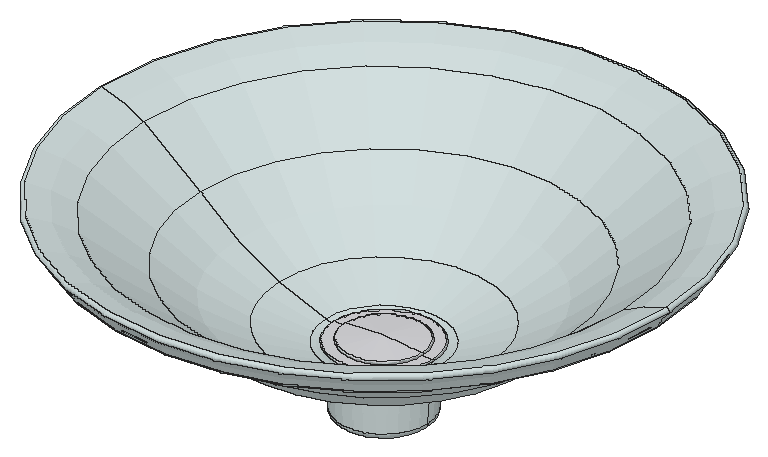
Revit family "Sink-Vessel-Lavatory-KOHLER-Derring_on_Carillon-K-17890_1", category Plumbing Fixtures, host Face, Revit 2015 (continued)
Definition of nested family "K-17890"
  Lines and regions (in)
    symbolic lines, detail levels medium+fine
      curve 888: line (-5.04747, 6.7644, 0) -> (-5.19707, 6.9649, 0)
      curve 889: arc (-4.5519, 7.08289, 0) -> (-4.27966, 6.6271, 0) -> (-4.03785, 6.15446, 0) r 8.10184
      curve 890: arc (-4.03785, 6.15446, 0) -> (-3.96538, 5.9713, 0) -> (-3.91665, 5.78044, 0) r 1.55506
      curve 891: arc (-4.5071, 6.1021, 0) -> (-4.78445, 6.4274, 0) -> (-5.04747, 6.7644, 0) r 9.87161
      curve 892: arc (-4.24103, 5.84369, 0) -> (-4.37874, 5.96809, 0) -> (-4.5071, 6.1021, 0) r 2.56621
      curve 893: arc (-4.02172, 5.7006, 0) -> (-4.13568, 5.76554, 0) -> (-4.24103, 5.84369, 0) r 1.09046
      curve 894: arc (-3.91665, 5.78044, 0) -> (-3.9445, 5.70804, 0) -> (-4.02172, 5.7006, 0) r 0.07375
      curve 895: line (-5.20783, 6.95685, 0) -> (-5.04559, 6.74011, 0)
      curve 896: line (-5.51717, 6.38709, 0) -> (-5.6807, 6.5764, 0)
      curve 897: arc (-5.04559, 6.74011, 0) -> (-4.74152, 6.30491, 0) -> (-4.46662, 5.85072, 0) r 8.10184
      curve 898: arc (-4.46662, 5.85072, 0) -> (-4.38127, 5.67319, 0) -> (-4.31905, 5.4863, 0) r 1.55506
      curve 899: arc (-4.93093, 5.76502, 0) -> (-5.23079, 6.06971, 0) -> (-5.51717, 6.38709, 0) r 9.87161
      curve 900: arc (-4.64711, 5.52625, 0) -> (-4.79334, 5.6405, 0) -> (-4.93093, 5.76502, 0) r 2.56621
      curve 901: arc (-4.41814, 5.39917, 0) -> (-4.53646, 5.45581, 0) -> (-4.64711, 5.52625, 0) r 1.09046
      curve 902: arc (-4.31905, 5.4863, 0) -> (-4.34166, 5.4121, 0) -> (-4.41814, 5.39917, 0) r 0.07375
      curve 903: line (-5.69086, 6.5676, 0) -> (-5.51356, 6.36299, 0)
      curve 904: line (-5.95877, 5.97722, 0) -> (-6.13538, 6.15438, 0)
      curve 905: arc (-5.51356, 6.36299, 0) -> (-5.17923, 5.95059, 0) -> (-4.87262, 5.51717, 0) r 8.10184
      curve 906: arc (-4.87262, 5.51717, 0) -> (-4.77483, 5.34618, 0) -> (-4.69943, 5.16421, 0) r 1.55506
      curve 907: arc (-5.32964, 5.39857, 0) -> (-5.65047, 5.68108, 0) -> (-5.95877, 5.97722, 0) r 9.87161
      curve 908: arc (-5.02951, 5.18065, 0) -> (-5.18352, 5.28418, 0) -> (-5.32964, 5.39857, 0) r 2.56621
      curve 909: arc (-4.79206, 5.07023, 0) -> (-4.91411, 5.11829, 0) -> (-5.02951, 5.18065, 0) r 1.09046
      curve 910: arc (-4.69943, 5.16421, 0) -> (-4.71669, 5.08858, 0) -> (-4.79206, 5.07023, 0) r 0.07375
      curve 911: line (-6.14489, 6.14489, 0) -> (-5.95345, 5.95345, 0)
      curve 912: line (-6.36999, 5.5369, 0) -> (-6.55879, 5.70101, 0)
      curve 913: arc (-5.95345, 5.95345, 0) -> (-5.59054, 5.56594, 0) -> (-5.2538, 5.1555, 0) r 8.10184
      curve 914: arc (-5.2538, 5.1555, 0) -> (-5.14405, 4.99193, 0) -> (-5.05587, 4.81579, 0) r 1.55506
      curve 915: arc (-5.70119, 5.0046, 0) -> (-6.04136, 5.26351, 0) -> (-6.36999, 5.5369, 0) r 9.87161
      curve 916: arc (-5.38628, 4.80865, 0) -> (-5.54728, 4.90093, 0) -> (-5.70119, 5.0046, 0) r 2.56621
      curve 917: arc (-5.14156, 4.71545, 0) -> (-5.26672, 4.75468, 0) -> (-5.38628, 4.80865, 0) r 1.09046
      curve 918: arc (-5.05587, 4.81579, 0) -> (-5.06769, 4.73913, 0) -> (-5.14156, 4.71545, 0) r 0.07375
      curve 919: line (-6.5676, 5.69086, 0) -> (-6.36299, 5.51356, 0)
      curve 920: line (-6.74876, 5.06836, 0) -> (-6.94879, 5.21858, 0)
      curve 921: arc (-6.36299, 5.51356, 0) -> (-5.97337, 5.15294, 0) -> (-5.6082, 4.76757, 0) r 8.10184
      curve 922: arc (-5.6082, 4.76757, 0) -> (-5.48707, 4.61224, 0) -> (-5.38654, 4.44284, 0) r 1.55506
      curve 923: arc (-6.04369, 4.58513, 0) -> (-6.40146, 4.81911, 0) -> (-6.74876, 5.06836, 0) r 9.87161
      curve 924: arc (-5.7156, 4.41215, 0) -> (-5.88277, 4.4927, 0) -> (-6.04369, 4.58513, 0) r 2.56621
      curve 925: arc (-5.46485, 4.33664, 0) -> (-5.5925, 4.36684, 0) -> (-5.7156, 4.41215, 0) r 1.09046
      curve 926: arc (-5.38654, 4.44284, 0) -> (-5.39286, 4.36553, 0) -> (-5.46485, 4.33664, 0) r 0.07375
      curve 927: line (-6.95685, 5.20783, 0) -> (-6.74011, 5.04559, 0)
      curve 928: line (-7.09314, 4.574, 0) -> (-7.30337, 4.70957, 0)
      curve 929: arc (-6.74011, 5.04559, 0) -> (-6.32576, 4.71367, 0) -> (-5.93403, 4.35534, 0) r 8.10184
      curve 930: arc (-5.93403, 4.35534, 0) -> (-5.80212, 4.20904, 0) -> (-5.68976, 4.04725, 0) r 1.55506
      curve 931: arc (-6.35539, 4.1423, 0) -> (-6.72894, 4.35016, 0) -> (-7.09314, 4.574, 0) r 9.87161
      curve 932: arc (-6.01579, 3.99316, 0) -> (-6.18829, 4.06158, 0) -> (-6.35539, 4.1423, 0) r 2.56621
      curve 933: arc (-5.7603, 3.93573, 0) -> (-5.88978, 3.95675, 0) -> (-6.01579, 3.99316, 0) r 1.09046
      curve 934: arc (-5.68976, 4.04725, 0) -> (-5.69055, 3.96968, 0) -> (-5.7603, 3.93573, 0) r 0.07375
      curve 935: line (-7.31065, 4.69827, 0) -> (-7.08289, 4.5519, 0)
      curve 936: line (-7.40137, 4.05633, 0) -> (-7.62074, 4.17655, 0)
      curve 937: arc (-7.08289, 4.5519, 0) -> (-6.64591, 4.25039, 0) -> (-6.22961, 3.92091, 0) r 8.10184
      curve 938: arc (-6.22961, 3.92091, 0) -> (-6.08761, 3.7844, 0) -> (-5.96399, 3.63104, 0) r 1.55506
      curve 939: arc (-6.6347, 3.67835, 0) -> (-7.02213, 3.85904, 0) -> (-7.40137, 4.05633, 0) r 9.87161
      curve 940: arc (-6.28534, 3.55382, 0) -> (-6.46227, 3.60977, 0) -> (-6.6347, 3.67835, 0) r 2.56621
      curve 941: arc (-6.0264, 3.51477, 0) -> (-6.15704, 3.52649, 0) -> (-6.28534, 3.55382, 0) r 1.09046
      curve 942: arc (-5.96399, 3.63104, 0) -> (-5.95925, 3.55361, 0) -> (-6.0264, 3.51477, 0) r 0.07375
      curve 943: line (-7.62719, 4.16476, 0) -> (-7.38957, 4.03501, 0)
      curve 944: line (-7.67189, 3.51798, 0) -> (-7.89928, 3.62225, 0)
      curve 945: arc (-7.38957, 4.03501, 0) -> (-6.93219, 3.76545, 0) -> (-6.49346, 3.4665, 0) r 8.10184
      curve 946: arc (-6.49346, 3.4665, 0) -> (-6.34207, 3.34047, 0) -> (-6.20783, 3.19632, 0) r 1.55506
      curve 947: arc (-6.88021, 3.19567, 0) -> (-7.27954, 3.34825, 0) -> (-7.67189, 3.51798, 0) r 9.87161
      curve 948: arc (-6.52285, 3.09638, 0) -> (-6.70333, 3.13956, 0) -> (-6.88021, 3.19567, 0) r 2.56621
      curve 949: arc (-6.26178, 3.07589, 0) -> (-6.39293, 3.07827, 0) -> (-6.52285, 3.09638, 0) r 1.09046
      curve 950: arc (-6.20783, 3.19632, 0) -> (-6.19758, 3.11943, 0) -> (-6.26178, 3.07589, 0) r 0.07375
      curve 951: line (-7.90487, 3.61003, 0) -> (-7.6586, 3.49756, 0)
      curve 952: line (-7.90331, 2.96171, 0) -> (-8.13756, 3.0495, 0)
      curve 953: arc (-7.6586, 3.49756, 0) -> (-7.18316, 3.26131, 0) -> (-6.72421, 2.99443, 0) r 8.10184
      curve 954: arc (-6.72421, 2.99443, 0) -> (-6.56422, 2.87953, 0) -> (-6.42004, 2.74531, 0) r 1.55506
      curve 955: arc (-7.09066, 2.6967, 0) -> (-7.49985, 2.8204, 0) -> (-7.90331, 2.96171, 0) r 9.87161
      curve 956: arc (-6.72712, 2.62316, 0) -> (-6.91022, 2.65335, 0) -> (-7.09066, 2.6967, 0) r 2.56621
      curve 957: arc (-6.46526, 2.62135, 0) -> (-6.59624, 2.61436, 0) -> (-6.72712, 2.62316, 0) r 1.09046
      curve 958: arc (-6.42004, 2.74531, 0) -> (-6.40432, 2.66935, 0) -> (-6.46526, 2.62135, 0) r 0.07375
      curve 959: line (-8.14227, 3.03691, 0) -> (-7.8886, 2.94229, 0)
      curve 960: line (-8.09446, 2.39035, 0) -> (-8.33437, 2.4612, 0)
      curve 961: arc (-7.8886, 2.94229, 0) -> (-7.39751, 2.74056, 0) -> (-6.9207, 2.50711, 0) r 8.10184
      curve 962: arc (-6.9207, 2.50711, 0) -> (-6.75292, 2.4039, 0) -> (-6.59953, 2.28032, 0) r 1.55506
      curve 963: arc (-7.26497, 2.18398, 0) -> (-7.68195, 2.27818, 0) -> (-8.09446, 2.39035, 0) r 9.87161
      curve 964: arc (-6.89712, 2.13656, 0) -> (-7.0819, 2.15362, 0) -> (-7.26497, 2.18398, 0) r 2.56621
      curve 965: arc (-6.63579, 2.15344, 0) -> (-6.76594, 2.13713, 0) -> (-6.89712, 2.13656, 0) r 1.09046
      curve 966: arc (-6.59953, 2.28032, 0) -> (-6.57844, 2.20567, 0) -> (-6.63579, 2.15344, 0) r 0.07375
      curve 967: line (-8.33817, 2.44831, 0) -> (-8.0784, 2.37203, 0)
      curve 968: line (-8.24436, 1.80681, 0) -> (-8.48872, 1.86036, 0)
      curve 969: arc (-8.0784, 2.37203, 0) -> (-7.57418, 2.20585, 0) -> (-7.08192, 2.007, 0) r 8.10184
      curve 970: arc (-7.08192, 2.007, 0) -> (-6.9072, 1.91603, 0) -> (-6.74539, 1.8037, 0) r 1.55506
      curve 971: arc (-7.40226, 1.66014, 0) -> (-7.8249, 1.72436, 0) -> (-8.24436, 1.80681, 0) r 9.87161
      curve 972: arc (-7.03196, 1.63909, 0) -> (-7.21749, 1.64292, 0) -> (-7.40226, 1.66014, 0) r 2.56621
      curve 973: arc (-6.77251, 1.67456, 0) -> (-6.90117, 1.64901, 0) -> (-7.03196, 1.63909, 0) r 1.09046
      curve 974: arc (-6.74539, 1.8037, 0) -> (-6.71902, 1.73075, 0) -> (-6.77251, 1.67456, 0) r 0.07375
      curve 975: line (-8.49159, 1.84723, 0) -> (-8.22704, 1.78968, 0)
      curve 976: line (-8.35225, 1.21406, 0) -> (-8.59981, 1.25004, 0)
      curve 977: arc (-8.22704, 1.78968, 0) -> (-7.71224, 1.65989, 0) -> (-7.20705, 1.49667, 0) r 8.10184
      curve 978: arc (-7.20705, 1.49667, 0) -> (-7.02629, 1.41839, 0) -> (-6.85688, 1.3179, 0) r 1.55506
      curve 979: arc (-7.50184, 1.12784, 0) -> (-7.92798, 1.16174, 0) -> (-8.35225, 1.21406, 0) r 9.87161
      curve 980: arc (-7.13098, 1.13326, 0) -> (-7.31631, 1.12384, 0) -> (-7.50184, 1.12784, 0) r 2.56621
      curve 981: arc (-6.87471, 1.18715, 0) -> (-7.00122, 1.15248, 0) -> (-7.13098, 1.13326, 0) r 1.09046
      curve 982: arc (-6.85688, 1.3179, 0) -> (-6.82538, 1.24701, 0) -> (-6.87471, 1.18715, 0) r 0.07375
      curve 983: line (-8.60173, 1.23674, 0) -> (-8.33375, 1.19821, 0)
      curve 984: line (-8.41758, 0.61512, 0) -> (-8.66707, 0.63335, 0)
      curve 985: arc (-8.33375, 1.19821, 0) -> (-7.81101, 1.10548, 0) -> (-7.29546, 0.97871, 0) r 8.10184
      curve 986: arc (-7.29546, 0.97871, 0) -> (-7.10958, 0.91353, 0) -> (-6.93343, 0.82537, 0) r 1.55506
      curve 987: arc (-7.56318, 0.58979, 0) -> (-7.99066, 0.59321, 0) -> (-8.41758, 0.61512, 0) r 9.87161
      curve 988: arc (-7.19365, 0.62165, 0) -> (-7.37784, 0.59904, 0) -> (-7.56318, 0.58979, 0) r 2.56621
      curve 989: arc (-6.94189, 0.69369, 0) -> (-7.0656, 0.65008, 0) -> (-7.19365, 0.62165, 0) r 1.09046
      curve 990: arc (-6.93343, 0.82537, 0) -> (-6.89695, 0.75692, 0) -> (-6.94189, 0.69369, 0) r 0.07375
      curve 991: line (-8.66804, 0.61995, 0) -> (-8.39799, 0.60064, 0)
      curve 992: line (-8.44002, 0.01305, 0) -> (-8.69017, 0.01344, 0)
      curve 993: arc (-8.39799, 0.60064, 0) -> (-7.86997, 0.54543, 0) -> (-7.34669, 0.45576, 0) r 8.10184
      curve 994: arc (-7.34669, 0.45576, 0) -> (-7.15663, 0.40401, 0) -> (-6.97464, 0.32865, 0) r 1.55506
      curve 995: arc (-7.58599, 0.04874, 0) -> (-8.01262, 0.02165, 0) -> (-8.44002, 0.01305, 0) r 9.87161
      curve 996: arc (-7.21967, 0.10688, 0) -> (-7.40178, 0.07118, 0) -> (-7.58599, 0.04874, 0) r 2.56621
      curve 997: arc (-6.97369, 0.19669, 0) -> (-7.09398, 0.14437, 0) -> (-7.21967, 0.10688, 0) r 1.09046
      curve 998: arc (-6.97464, 0.32865, 0) -> (-6.93337, 0.26296, 0) -> (-6.97369, 0.19669, 0) r 0.07375
      curve 999: arc (-0.23233, 6.93447, 0) -> (-0.20687, 6.50146, 0) -> (-0.14174, 6.07263, 0) r 4.71583
      curve 1000: arc (-0.14174, 6.07263, 0) -> (-0.09095, 5.93577, 0) -> (0, 5.82159, 0) r 0.46205
      curve 1001: arc (-0.23233, 6.93447, 0) -> (-0.24481, 6.49728, 0) -> (-0.29329, 6.06262, 0) r 5.30137
      curve 1002: arc (-0.29329, 6.06262, 0) -> (-0.33521, 5.92553, 0) -> (-0.41443, 5.80606, 0) r 0.49812
      curve 1003: arc (-0.72643, 6.90022, 0) -> (-0.67016, 6.47014, 0) -> (-0.5746, 6.04704, 0) r 4.71583
      curve 1004: arc (-0.5746, 6.04704, 0) -> (-0.51386, 5.91369, 0) -> (-0.41443, 5.80606, 0) r 0.46205
      curve 1005: arc (-0.72643, 6.90022, 0) -> (-0.7077, 6.46217, 0) -> (-0.72522, 6.02408, 0) r 5.30137
      curve 1006: arc (-0.72505, 6.02625, 0) -> (-0.75708, 5.88652, 0) -> (-0.82757, 5.7617, 0) r 0.49812
      curve 1007: arc (-1.21684, 6.83082, 0) -> (-1.13002, 6.40585, 0) -> (-1.00453, 5.99065, 0) r 4.71583
      curve 1008: arc (-1.00453, 5.99065, 0) -> (-0.93443, 5.86196, 0) -> (-0.82757, 5.7617, 0) r 0.46205
      curve 1009: arc (-1.21684, 6.83082, 0) -> (-1.1669, 6.39522, 0) -> (-1.15313, 5.95699, 0) r 5.30137
      curve 1010: arc (-1.15311, 5.95917, 0) -> (-1.17509, 5.81751, 0) -> (-1.2365, 5.68798, 0) r 0.49812
      curve 1011: arc (-1.70104, 6.72661, 0) -> (-1.58413, 6.30891, 0) -> (-1.42933, 5.90372, 0) r 4.71583
      curve 1012: arc (-1.42933, 5.90372, 0) -> (-1.35061, 5.78079, 0) -> (-1.23747, 5.68854, 0) r 0.46205
      curve 1013: arc (-1.70104, 6.72661, 0) -> (-1.62031, 6.29676, 0) -> (-1.57529, 5.86172, 0) r 5.30137
      curve 1014: arc (-1.57516, 5.85955, 0) -> (-1.58736, 5.7178, 0) -> (-1.63912, 5.58528, 0) r 0.49812
      curve 1015: arc (-2.17658, 6.58812, 0) -> (-2.03017, 6.17982, 0) -> (-1.84686, 5.78671, 0) r 4.71583
      curve 1016: arc (-1.84686, 5.78671, 0) -> (-1.75957, 5.6697, 0) -> (-1.64013, 5.58577, 0) r 0.46205
      curve 1017: arc (-2.17658, 6.58812, 0) -> (-2.06516, 6.16406, 0) -> (-1.98916, 5.73225, 0) r 5.30137
      curve 1018: arc (-1.98945, 5.73441, 0) -> (-1.99104, 5.59107, 0) -> (-2.0334, 5.45412, 0) r 0.49812
      curve 1019: arc (-2.64103, 6.41606, 0) -> (-2.46586, 6.01925, 0) -> (-2.25497, 5.64021, 0) r 4.71583
      curve 1020: arc (-2.25497, 5.64021, 0) -> (-2.15956, 5.52973, 0) -> (-2.03444, 5.45453, 0) r 0.46205
      curve 1021: arc (-2.64103, 6.41606, 0) -> (-2.49994, 6.00207, 0) -> (-2.39347, 5.57787, 0) r 5.30137
      curve 1022: arc (-2.39347, 5.57787, 0) -> (-2.38483, 5.43478, 0) -> (-2.41731, 5.29516, 0) r 0.49812
      curve 1023: arc (-3.09201, 6.2113, 0) -> (-2.88898, 5.828, 0) -> (-2.6516, 5.46498, 0) r 4.71583
      curve 1024: arc (-2.6516, 5.46498, 0) -> (-2.54809, 5.36125, 0) -> (-2.41731, 5.29516, 0) r 0.46205
      curve 1025: arc (-3.09201, 6.2113, 0) -> (-2.92138, 5.80742, 0) -> (-2.7847, 5.39082, 0) r 5.30137
      curve 1026: arc (-2.78529, 5.39291, 0) -> (-2.76648, 5.25017, 0) -> (-2.78928, 5.10801, 0) r 0.49812
      curve 1027: arc (-3.52724, 5.97489, 0) -> (-3.29739, 5.60705, 0) -> (-3.03471, 5.26189, 0) r 4.71583
      curve 1028: arc (-3.03471, 5.26189, 0) -> (-2.92454, 5.16611, 0) -> (-2.78999, 5.10948, 0) r 0.46205
      curve 1029: arc (-3.52724, 5.97489, 0) -> (-3.32823, 5.58421, 0) -> (-3.16218, 5.17842, 0) r 5.30137
      curve 1030: arc (-3.16292, 5.18047, 0) -> (-3.13401, 5.04007, 0) -> (-3.14628, 4.89724, 0) r 0.49812
      curve 1031: arc (-3.9445, 5.70804, 0) -> (-3.68899, 5.35753, 0) -> (-3.40235, 5.03199, 0) r 4.71583
      curve 1032: arc (-3.40235, 5.03199, 0) -> (-3.28514, 4.94405, 0) -> (-3.14628, 4.89724, 0) r 0.46205
      curve 1033: arc (-3.9445, 5.70804, 0) -> (-3.71865, 5.33351, 0) -> (-3.52443, 4.94163, 0) r 5.30137
      curve 1034: arc (-3.52443, 4.94163, 0) -> (-3.48558, 4.80365, 0) -> (-3.48763, 4.66031, 0) r 0.49812
      curve 1035: arc (-4.34166, 5.4121, 0) -> (-4.06179, 5.08071, 0) -> (-3.75266, 4.77645, 0) r 4.71583
      curve 1036: arc (-3.75266, 4.77645, 0) -> (-3.62999, 4.69732, 0) -> (-3.48875, 4.66042, 0) r 0.46205
      curve 1037: arc (-4.34166, 5.4121, 0) -> (-4.08966, 5.05463, 0) -> (-3.86798, 4.67761, 0) r 5.30137
      curve 1038: arc (-3.86798, 4.67761, 0) -> (-3.81939, 4.54275, 0) -> (-3.81121, 4.39963, 0) r 0.49812
      curve 1039: arc (-4.71669, 5.08858, 0) -> (-4.4139, 4.778, 0) -> (-4.08385, 4.49656, 0) r 4.71583
      curve 1040: arc (-4.08385, 4.49656, 0) -> (-3.95531, 4.42621, 0) -> (-3.81121, 4.39963, 0) r 0.46205
      curve 1041: arc (-4.71669, 5.08858, 0) -> (-4.43983, 4.75, 0) -> (-4.19183, 4.38976, 0) r 5.30137
      curve 1042: arc (-4.19183, 4.38976, 0) -> (-4.13373, 4.2587, 0) -> (-4.11536, 4.11654, 0) r 0.49812
      curve 1043: arc (-5.06769, 4.73913, 0) -> (-4.74351, 4.45095, 0) -> (-4.39423, 4.19377, 0) r 4.71583
      curve 1044: arc (-4.39423, 4.19377, 0) -> (-4.261, 4.13276, 0) -> (-4.11536, 4.11654, 0) r 0.46205
      curve 1045: arc (-5.06769, 4.73913, 0) -> (-4.76667, 4.42034, 0) -> (-4.49302, 4.07777, 0) r 5.30137
      curve 1046: arc (-4.49431, 4.07953, 0) -> (-4.42701, 3.95296, 0) -> (-4.39855, 3.81246, 0) r 0.49812
      curve 1047: arc (-5.39286, 4.36553, 0) -> (-5.04895, 4.10121, 0) -> (-4.68221, 3.8696, 0) r 4.71583
      curve 1048: arc (-4.68221, 3.8696, 0) -> (-4.54497, 3.81825, 0) -> (-4.39855, 3.81246, 0) r 0.46205
      curve 1049: arc (-5.39286, 4.36553, 0) -> (-5.06987, 4.06903, 0) -> (-4.77248, 3.74685, 0) r 5.30137
      curve 1050: arc (-4.77389, 3.74852, 0) -> (-4.69773, 3.62707, 0) -> (-4.65932, 3.48896, 0) r 0.49812
      curve 1051: arc (-5.69055, 3.96968, 0) -> (-5.32866, 3.73057, 0) -> (-4.94633, 3.52572, 0) r 4.71583
      curve 1052: arc (-4.94633, 3.52572, 0) -> (-4.80578, 3.48429, 0) -> (-4.65932, 3.48896, 0) r 0.46205
      curve 1053: arc (-5.69055, 3.96968, 0) -> (-5.34805, 3.69769, 0) -> (-5.02914, 3.3984, 0) r 5.30137
      curve 1054: arc (-5.02914, 3.3984, 0) -> (-4.94681, 3.28697, 0) -> (-4.89835, 3.15718, 0) r 0.49812
      curve 1055: arc (-5.95925, 3.55361, 0) -> (-5.58122, 3.34092, 0) -> (-5.18525, 3.16387, 0) r 4.71583
      curve 1056: arc (-5.18525, 3.16387, 0) -> (-5.04266, 3.13261, 0) -> (-4.89743, 3.14739, 0) r 0.46205
      curve 1057: arc (-5.95925, 3.55361, 0) -> (-5.59734, 3.3061, 0) -> (-5.25713, 3.02952, 0) r 5.30137
      curve 1058: arc (-5.25876, 3.03097, 0) -> (-5.1661, 2.92159, 0) -> (-5.10842, 2.79035, 0) r 0.49812
      curve 1059: arc (-6.19758, 3.11943, 0) -> (-5.80534, 2.93425, 0) -> (-5.39775, 2.7859, 0) r 4.71583
      curve 1060: arc (-5.39775, 2.7859, 0) -> (-5.25273, 2.76489, 0) -> (-5.10842, 2.79035, 0) r 0.46205
      curve 1061: arc (-6.19758, 3.11943, 0) -> (-5.81894, 2.89836, 0) -> (-5.45986, 2.64676, 0) r 5.30137
      curve 1062: arc (-5.46159, 2.64809, 0) -> (-5.36099, 2.54509, 0) -> (-5.29405, 2.41762, 0) r 0.49812
      curve 1063: arc (-6.40432, 2.66935, 0) -> (-5.99988, 2.51263, 0) -> (-5.58274, 2.39373, 0) r 4.71583
      curve 1064: arc (-5.58274, 2.39373, 0) -> (-5.43659, 2.38312, 0) -> (-5.29447, 2.41881, 0) r 0.46205
      curve 1065: arc (-6.40432, 2.66935, 0) -> (-6.01184, 2.47638, 0) -> (-5.63659, 2.25171, 0) r 5.30137
      curve 1066: arc (-5.63659, 2.25171, 0) -> (-5.5289, 2.15616, 0) -> (-5.45303, 2.03379, 0) r 0.49812
      curve 1067: arc (-6.57844, 2.20567, 0) -> (-6.16384, 2.0782, 0) -> (-5.73928, 1.98936, 0) r 4.71583
      curve 1068: arc (-5.73928, 1.98936, 0) -> (-5.59275, 1.98921, 0) -> (-5.45354, 2.03495, 0) r 0.46205
      curve 1069: arc (-6.57844, 2.20567, 0) -> (-6.17219, 2.04074, 0) -> (-5.78096, 1.84281, 0) r 5.30137
      curve 1070: arc (-5.78286, 1.84387, 0) -> (-5.66907, 1.75669, 0) -> (-5.58481, 1.64071, 0) r 0.49812
      curve 1071: arc (-6.71902, 1.73075, 0) -> (-6.29639, 1.63318, 0) -> (-5.86658, 1.57486, 0) r 4.71583
      curve 1072: arc (-5.86658, 1.57486, 0) -> (-5.72041, 1.58516, 0) -> (-5.58481, 1.64071, 0) r 0.46205
      curve 1073: arc (-6.71902, 1.73075, 0) -> (-6.30205, 1.59522, 0) -> (-5.8977, 1.4257, 0) r 5.30137
      curve 1074: arc (-5.89967, 1.42663, 0) -> (-5.77995, 1.34779, 0) -> (-5.68763, 1.23812, 0) r 0.49812
      curve 1075: arc (-6.82538, 1.24701, 0) -> (-6.39686, 1.17984, 0) -> (-5.96398, 1.15233, 0) r 4.71583
      curve 1076: arc (-5.96398, 1.15233, 0) -> (-5.81892, 1.17303, 0) -> (-5.68763, 1.23812, 0) r 0.46205
      curve 1077: arc (-6.82538, 1.24701, 0) -> (-6.40084, 1.14188, 0) -> (-5.98641, 1.00211, 0) r 5.30137
      curve 1078: arc (-5.98641, 1.00211, 0) -> (-5.86137, 0.93202, 0) -> (-5.76147, 0.82921, 0) r 0.49812
      curve 1079: arc (-6.89695, 0.75692, 0) -> (-6.46473, 0.72049, 0) -> (-6.03099, 0.72392, 0) r 4.71583
      curve 1080: arc (-6.03099, 0.72392, 0) -> (-5.88777, 0.75492, 0) -> (-5.76147, 0.82921, 0) r 0.46205
      curve 1081: arc (-6.89695, 0.75692, 0) -> (-6.46599, 0.68234, 0) -> (-6.04265, 0.57249, 0) r 5.30137
      curve 1082: arc (-6.04265, 0.57249, 0) -> (-5.91292, 0.5115, 0) -> (-5.80594, 0.41608, 0) r 0.49812
      curve 1083: arc (-6.93337, 0.26296, 0) -> (-6.49966, 0.25746, 0) -> (-6.06727, 0.29183, 0) r 4.71583
      curve 1084: arc (-6.06727, 0.29183, 0) -> (-5.92663, 0.33297, 0) -> (-5.80594, 0.41608, 0) r 0.46205
      curve 1085: arc (-6.93337, 0.26296, 0) -> (-6.49819, 0.21932, 0) -> (-6.06809, 0.13996, 0) r 5.30137
      curve 1086: arc (-6.06809, 0.13996, 0) -> (-5.93385, 0.08809, 0) -> (-5.82003, 0, 0) r 0.49812
      curve 1087: arc (0, 5.82159, 0) -> (-0.02215, 5.51091, 0) -> (-0.05718, 5.20142, 0) r 7.49877
      curve 1088: arc (-0.40802, 5.81337, 0) -> (-0.37379, 5.50848, 0) -> (-0.30168, 5.21027, 0) r 2.44677
      curve 1089: arc (-0.05718, 5.20142, 0) -> (-0.08707, 5.09628, 0) -> (-0.14548, 5.00389, 0) r 0.38232
      curve 1090: arc (-0.30168, 5.21027, 0) -> (-0.26872, 5.11792, 0) -> (-0.22799, 5.02872, 0) r 1.14623
      curve 1091: arc (-0.22799, 5.02872, 0) -> (-0.19204, 4.99869, 0) -> (-0.14548, 5.00389, 0) r 0.05964
      curve 1092: arc (-0.17485, 4.99616, 0) -> (-0.14894, 4.76353, 0) -> (-0.10169, 4.53427, 0) r 2.53556
      curve 1093: arc (-0.10169, 4.53427, 0) -> (-0.0624, 4.43308, 0) -> (0, 4.34425, 0) r 0.44975
      curve 1094: arc (-0.17485, 4.99616, 0) -> (-0.19037, 4.76116, 0) -> (-0.21589, 4.52703, 0) r 5.52516
      curve 1095: arc (-0.21589, 4.52703, 0) -> (-0.2457, 4.42139, 0) -> (-0.30449, 4.32869, 0) r 0.37959
      curve 1096: arc (0, 4.34425, 0) -> (-0.02454, 4.14285, 0) -> (-0.07036, 3.94521, 0) r 1.90482
      curve 1097: arc (-0.30449, 4.32869, 0) -> (-0.26608, 4.12107, 0) -> (-0.19553, 3.92207, 0) r 1.33954
      curve 1098: arc (-0.07036, 3.94521, 0) -> (-0.0947, 3.88909, 0) -> (-0.13247, 3.84097, 0) r 0.23936
      curve 1099: arc (-0.19553, 3.92207, 0) -> (-0.16892, 3.8777, 0) -> (-0.13247, 3.84097, 0) r 0.21491
      curve 1100: arc (-0.13247, 3.84097, 0) -> (-0.10498, 3.68132, 0) -> (-0.06516, 3.52429, 0) r 2.082
      curve 1101: arc (-0.13247, 3.84097, 0) -> (-0.15041, 3.67965, 0) -> (-0.1832, 3.52067, 0) r 1.75146
      curve 1102: arc (-0.06516, 3.52429, 0) -> (-0.04068, 3.47891, 0) -> (0, 3.44724, 0) r 0.12522
      curve 1103: arc (-0.1832, 3.52067, 0) -> (-0.20628, 3.47316, 0) -> (-0.24621, 3.43857, 0) r 0.13139
      curve 1104: arc (-0.08454, 3.45165, 0) -> (-0.0605, 2.6039, 0) -> (-0.06107, 1.75582, 0) r 29.2281
      curve 1105: arc (-0.15392, 3.44868, 0) -> (-0.1193, 2.6016, 0) -> (-0.06107, 1.75582, 0) r 30.40578
      curve 1106: arc (-0.10408, 3.59212, 0) -> (-0.09096, 3.52235, 0) -> (-0.08454, 3.45165, 0) r 0.74486
      curve 1107: arc (-0.15004, 3.58119, 0) -> (-0.15384, 3.51499, 0) -> (-0.15392, 3.44868, 0) r 1.18069
      curve 1108: arc (-0.13292, 3.61744, 0) -> (-0.14474, 3.60086, 0) -> (-0.15004, 3.58119, 0) r 0.05754
      curve 1109: arc (-0.13292, 3.61744, 0) -> (-0.11447, 3.60938, 0) -> (-0.10408, 3.59212, 0) r 0.03318
      curve 1110: arc (-0.41531, 5.80675, 0) -> (-0.41524, 5.49529, 0) -> (-0.4281, 5.18408, 0) r 7.49877
      curve 1111: arc (-0.8217, 5.76945, 0) -> (-0.76581, 5.46778, 0) -> (-0.6726, 5.17547, 0) r 2.44677
      curve 1112: arc (-0.4281, 5.18408, 0) -> (-0.45041, 5.07708, 0) -> (-0.50209, 4.98076, 0) r 0.38232
      curve 1113: arc (-0.6726, 5.17547, 0) -> (-0.63314, 5.08571, 0) -> (-0.58615, 4.99965, 0) r 1.14623
      curve 1114: arc (-0.58615, 4.99965, 0) -> (-0.54815, 4.97225, 0) -> (-0.50209, 4.98076, 0) r 0.05964
      curve 1115: arc (-0.53083, 4.97095, 0) -> (-0.48839, 4.74076, 0) -> (-0.42491, 4.51547, 0) r 2.53556
      curve 1116: arc (-0.42491, 4.51547, 0) -> (-0.37849, 4.41734, 0) -> (-0.30992, 4.33318, 0) r 0.44975
      curve 1117: arc (-0.53083, 4.97095, 0) -> (-0.52954, 4.73545, 0) -> (-0.5383, 4.5001, 0) r 5.52516
      curve 1118: arc (-0.5383, 4.5001, 0) -> (-0.56049, 4.3926, 0) -> (-0.61252, 4.29594, 0) r 0.37959
      curve 1119: arc (-0.30992, 4.33318, 0) -> (-0.32003, 4.13055, 0) -> (-0.35163, 3.93014, 0) r 1.90482
      curve 1120: arc (-0.61252, 4.29594, 0) -> (-0.5594, 4.09159, 0) -> (-0.47483, 3.89813, 0) r 1.33954
      curve 1121: arc (-0.35163, 3.93014, 0) -> (-0.3719, 3.87242, 0) -> (-0.40614, 3.82174, 0) r 0.23936
      curve 1122: arc (-0.47483, 3.89813, 0) -> (-0.44512, 3.85577, 0) -> (-0.40614, 3.82174, 0) r 0.21491
      curve 1123: arc (-0.40614, 3.82174, 0) -> (-0.36733, 3.66445, 0) -> (-0.31641, 3.51066, 0) r 2.082
      curve 1124: arc (-0.40614, 3.82174, 0) -> (-0.41253, 3.65954, 0) -> (-0.4339, 3.49863, 0) r 1.75146
      curve 1125: arc (-0.31641, 3.51066, 0) -> (-0.28887, 3.46726, 0) -> (-0.24621, 3.43857, 0) r 0.12522
      curve 1126: arc (-0.4339, 3.49863, 0) -> (-0.45353, 3.44959, 0) -> (-0.49089, 3.41225, 0) r 0.13139
      curve 1127: arc (-0.33056, 3.43683, 0) -> (-0.24611, 2.59295, 0) -> (-0.18618, 1.74699, 0) r 29.2281
      curve 1128: arc (-0.39955, 3.42891, 0) -> (-0.30459, 2.58646, 0) -> (-0.18618, 1.74699, 0) r 30.40578
      curve 1129: arc (-0.36007, 3.57555, 0) -> (-0.34201, 3.50689, 0) -> (-0.33056, 3.43683, 0) r 0.74486
      curve 1130: arc (-0.40514, 3.56136, 0) -> (-0.4042, 3.49506, 0) -> (-0.39955, 3.42891, 0) r 1.18069
      curve 1131: arc (-0.39064, 3.59874, 0) -> (-0.40125, 3.58136, 0) -> (-0.40514, 3.56136, 0) r 0.05754
      curve 1132: arc (-0.39064, 3.59874, 0) -> (-0.37166, 3.59201, 0) -> (-0.36007, 3.57555, 0) r 0.03318
      curve 1133: arc (-0.8285, 5.76233, 0) -> (-0.80621, 5.45166, 0) -> (-0.79684, 5.14033, 0) r 7.49877
      curve 1134: arc (-1.23119, 5.69613, 0) -> (-1.15392, 5.39921, 0) -> (-1.0401, 5.1143, 0) r 2.44677
      curve 1135: arc (-0.79684, 5.14033, 0) -> (-0.81146, 5.03201, 0) -> (-0.85613, 4.93225, 0) r 0.38232
      curve 1136: arc (-1.0401, 5.1143, 0) -> (-0.99434, 5.02758, 0) -> (-0.94133, 4.94509, 0) r 1.14623
      curve 1137: arc (-0.94133, 4.94509, 0) -> (-0.90147, 4.92048, 0) -> (-0.85613, 4.93225, 0) r 0.05964
      curve 1138: arc (-0.8841, 4.92042, 0) -> (-0.82535, 4.69384, 0) -> (-0.74595, 4.47365, 0) r 2.53556
      curve 1139: arc (-0.74595, 4.47365, 0) -> (-0.69266, 4.37908, 0) -> (-0.61825, 4.30003, 0) r 0.44975
      curve 1140: arc (-0.8841, 4.92042, 0) -> (-0.86602, 4.6856, 0) -> (-0.85796, 4.45023, 0) r 5.52516
      curve 1141: arc (-0.85796, 4.45023, 0) -> (-0.87243, 4.34142, 0) -> (-0.91743, 4.2413, 0) r 0.37959
      curve 1142: arc (-0.61825, 4.30003, 0) -> (-0.61388, 4.09719, 0) -> (-0.63111, 3.89504, 0) r 1.90482
      curve 1143: arc (-0.91743, 4.2413, 0) -> (-0.84987, 4.04126, 0) -> (-0.75171, 3.85432, 0) r 1.33954
      curve 1144: arc (-0.63111, 3.89504, 0) -> (-0.64721, 3.83603, 0) -> (-0.67775, 3.78302, 0) r 0.23936
      curve 1145: arc (-0.75171, 3.85432, 0) -> (-0.71905, 3.81419, 0) -> (-0.67775, 3.78302, 0) r 0.21491
      curve 1146: arc (-0.67775, 3.78302, 0) -> (-0.62782, 3.62891, 0) -> (-0.56605, 3.47915, 0) r 2.082
      curve 1147: arc (-0.67775, 3.78302, 0) -> (-0.67254, 3.62079, 0) -> (-0.68238, 3.45877, 0) r 1.75146
      curve 1148: arc (-0.56605, 3.47915, 0) -> (-0.53549, 3.43782, 0) -> (-0.49089, 3.41225, 0) r 0.12522
      curve 1149: arc (-0.68238, 3.45877, 0) -> (-0.69846, 3.40845, 0) -> (-0.73307, 3.36854, 0) r 0.13139
      curve 1150: arc (-0.5749, 3.40449, 0) -> (-0.43046, 2.56879, 0) -> (-0.31033, 1.72925, 0) r 29.2281
      curve 1151: arc (-0.64315, 3.39167, 0) -> (-0.48833, 2.55814, 0) -> (-0.31033, 1.72925, 0) r 30.40578
      curve 1152: arc (-0.61423, 3.54075, 0) -> (-0.59132, 3.47356, 0) -> (-0.5749, 3.40449, 0) r 0.74486
      curve 1153: arc (-0.65817, 3.52339, 0) -> (-0.65251, 3.45732, 0) -> (-0.64315, 3.39167, 0) r 1.18069
      curve 1154: arc (-0.64638, 3.56171, 0) -> (-0.65572, 3.54361, 0) -> (-0.65817, 3.52339, 0) r 0.05754
      curve 1155: arc (-0.64638, 3.56171, 0) -> (-0.62697, 3.55635, 0) -> (-0.61423, 3.54075, 0) r 0.03318
      curve 1156: arc (-1.23747, 5.68854, 0) -> (-1.19307, 5.38026, 0) -> (-1.16152, 5.07039, 0) r 7.49877
      curve 1157: arc (-1.63441, 5.59378, 0) -> (-1.53616, 5.30314, 0) -> (-1.4023, 5.02707, 0) r 2.44677
      curve 1158: arc (-1.16152, 5.07039, 0) -> (-1.16837, 4.9613, 0) -> (-1.20581, 4.85861, 0) r 0.38232
      curve 1159: arc (-1.4023, 5.02707, 0) -> (-1.35047, 4.94384, 0) -> (-1.29171, 4.86534, 0) r 1.14623
      curve 1160: arc (-1.29171, 4.86534, 0) -> (-1.2502, 4.84363, 0) -> (-1.20581, 4.85861, 0) r 0.05964
      curve 1161: arc (-1.23286, 4.84481, 0) -> (-1.1581, 4.623, 0) -> (-1.0632, 4.40904, 0) r 2.53556
      curve 1162: arc (-1.0632, 4.40904, 0) -> (-1.00329, 4.31851, 0) -> (-0.92344, 4.24497, 0) r 0.44975
      curve 1163: arc (-1.23286, 4.84481, 0) -> (-1.19808, 4.61188, 0) -> (-1.17325, 4.37768, 0) r 5.52516
      curve 1164: arc (-1.17325, 4.37768, 0) -> (-1.17992, 4.26812, 0) -> (-1.21766, 4.16504, 0) r 0.37959
      curve 1165: arc (-0.92344, 4.24497, 0) -> (-0.90461, 4.04296, 0) -> (-0.90737, 3.84009, 0) r 1.90482
      curve 1166: arc (-1.21766, 4.16504, 0) -> (-1.136, 3.97034, 0) -> (-1.02476, 3.79088, 0) r 1.33954
      curve 1167: arc (-0.90737, 3.84009, 0) -> (-0.91922, 3.78008, 0) -> (-0.9459, 3.72504, 0) r 0.23936
      curve 1168: arc (-1.02476, 3.79088, 0) -> (-0.98932, 3.75317, 0) -> (-0.9459, 3.72504, 0) r 0.21491
      curve 1169: arc (-0.9459, 3.72504, 0) -> (-0.8851, 3.57488, 0) -> (-0.81281, 3.4299, 0) r 2.082
      curve 1170: arc (-0.9459, 3.72504, 0) -> (-0.92913, 3.56358, 0) -> (-0.92739, 3.40127, 0) r 1.75146
      curve 1171: arc (-0.81281, 3.4299, 0) -> (-0.77937, 3.39086, 0) -> (-0.73307, 3.36854, 0) r 0.12522
      curve 1172: arc (-0.92739, 3.40127, 0) -> (-0.93984, 3.34994, 0) -> (-0.97151, 3.30766, 0) r 0.13139
      curve 1173: arc (-0.81631, 3.3548, 0) -> (-0.61262, 2.53154, 0) -> (-0.4329, 1.70271, 0) r 29.2281
      curve 1174: arc (-0.88347, 3.33715, 0) -> (-0.66958, 2.51679, 0) -> (-0.4329, 1.70271, 0) r 30.40578
      curve 1175: arc (-0.86526, 3.48791, 0) -> (-0.83761, 3.42252, 0) -> (-0.81631, 3.3548, 0) r 0.74486
      curve 1176: arc (-0.90785, 3.46746, 0) -> (-0.89749, 3.40196, 0) -> (-0.88347, 3.33715, 0) r 1.18069
      curve 1177: arc (-0.89882, 3.50652, 0) -> (-0.90685, 3.4878, 0) -> (-0.90785, 3.46746, 0) r 0.05754
      curve 1178: arc (-0.89882, 3.50652, 0) -> (-0.87908, 3.50256, 0) -> (-0.86526, 3.48791, 0) r 0.03318
      curve 1179: arc (-1.64013, 5.58577, 0) -> (-1.57386, 5.28144, 0) -> (-1.52028, 4.97461, 0) r 7.49877
      curve 1180: arc (-2.0293, 5.46293, 0) -> (-1.91057, 5.18004, 0) -> (-1.75736, 4.91422, 0) r 2.44677
      curve 1181: arc (-1.52028, 4.97461, 0) -> (-1.51933, 4.86531, 0) -> (-1.54935, 4.76021, 0) r 0.38232
      curve 1182: arc (-1.75736, 4.91422, 0) -> (-1.69972, 4.8349, 0) -> (-1.63551, 4.76079, 0) r 1.14623
      curve 1183: arc (-1.63551, 4.76079, 0) -> (-1.59255, 4.7421, 0) -> (-1.54935, 4.76021, 0) r 0.05964
      curve 1184: arc (-1.57535, 4.74452, 0) -> (-1.48495, 4.52861, 0) -> (-1.37503, 4.32195, 0) r 2.53556
      curve 1185: arc (-1.37503, 4.32195, 0) -> (-1.30881, 4.23593, 0) -> (-1.22392, 4.16828, 0) r 0.44975
      curve 1186: arc (-1.57535, 4.74452, 0) -> (-1.52403, 4.51466, 0) -> (-1.48256, 4.28283, 0) r 5.52516
      curve 1187: arc (-1.48256, 4.28283, 0) -> (-1.4814, 4.17307, 0) -> (-1.51169, 4.06756, 0) r 0.37959
      curve 1188: arc (-1.22392, 4.16828, 0) -> (-1.19072, 3.96813, 0) -> (-1.17901, 3.76558, 0) r 1.90482
      curve 1189: arc (-1.51169, 4.06756, 0) -> (-1.41635, 3.87918, 0) -> (-1.29259, 3.70811, 0) r 1.33954
      curve 1190: arc (-1.17901, 3.76558, 0) -> (-1.18655, 3.70487, 0) -> (-1.20923, 3.64806, 0) r 0.23936
      curve 1191: arc (-1.29259, 3.70811, 0) -> (-1.25455, 3.67303, 0) -> (-1.20923, 3.64806, 0) r 0.21491
      curve 1192: arc (-1.20923, 3.64806, 0) -> (-1.13787, 3.50263, 0) -> (-1.05543, 3.36318, 0) r 2.082
      curve 1193: arc (-1.20923, 3.64806, 0) -> (-1.18099, 3.48822, 0) -> (-1.16767, 3.32645, 0) r 1.75146
      curve 1194: arc (-1.05543, 3.36318, 0) -> (-1.01929, 3.32662, 0) -> (-0.97151, 3.30766, 0) r 0.12522
      curve 1195: arc (-1.16767, 3.32645, 0) -> (-1.17643, 3.27436, 0) -> (-1.205, 3.22992, 0) r 0.13139
      curve 1196: arc (-1.05356, 3.28802, 0) -> (-0.79166, 2.48138, 0) -> (-0.55327, 1.66749, 0) r 29.2281
      curve 1197: arc (-1.11929, 3.26562, 0) -> (-0.84742, 2.46261, 0) -> (-0.55327, 1.66749, 0) r 30.40578
      curve 1198: arc (-1.11188, 3.41729, 0) -> (-1.07964, 3.35405, 0) -> (-1.05356, 3.28802, 0) r 0.74486
      curve 1199: arc (-1.1529, 3.39386, 0) -> (-1.13789, 3.32926, 0) -> (-1.11929, 3.26562, 0) r 1.18069
      curve 1200: arc (-1.14668, 3.43346, 0) -> (-1.15335, 3.41422, 0) -> (-1.1529, 3.39386, 0) r 0.05754
      curve 1201: arc (-1.14668, 3.43346, 0) -> (-1.12671, 3.43092, 0) -> (-1.11188, 3.41729, 0) r 0.03318
      curve 1202: arc (-2.03444, 5.45453, 0) -> (-1.94662, 5.1557, 0) -> (-1.87129, 4.85348, 0) r 7.49877
      curve 1203: arc (-2.41386, 5.30424, 0) -> (-2.27524, 5.03054, 0) -> (-2.10346, 4.77633, 0) r 2.44677
      curve 1204: arc (-1.87129, 4.85348, 0) -> (-1.86254, 4.74453, 0) -> (-1.88499, 4.63755, 0) r 0.38232
      curve 1205: arc (-2.10346, 4.77633, 0) -> (-2.0403, 4.70132, 0) -> (-1.97097, 4.63199, 0) r 1.14623
      curve 1206: arc (-1.97097, 4.63199, 0) -> (-1.92679, 4.61641, 0) -> (-1.88499, 4.63755, 0) r 0.05964
      curve 1207: arc (-1.9098, 4.62004, 0) -> (-1.80423, 4.41113, 0) -> (-1.67985, 4.21285, 0) r 2.53556
      curve 1208: arc (-1.67985, 4.21285, 0) -> (-1.60767, 4.13177, 0) -> (-1.51816, 4.07035, 0) r 0.44975
      curve 1209: arc (-1.9098, 4.62004, 0) -> (-1.84222, 4.39444, 0) -> (-1.78432, 4.16616, 0) r 5.52516
      curve 1210: arc (-1.78432, 4.16616, 0) -> (-1.77532, 4.05676, 0) -> (-1.79801, 3.94936, 0) r 0.37959
      curve 1211: arc (-1.51816, 4.07035, 0) -> (-1.47077, 3.87307, 0) -> (-1.44463, 3.67187, 0) r 1.90482
      curve 1212: arc (-1.79801, 3.94936, 0) -> (-1.68948, 3.76825, 0) -> (-1.55383, 3.60645, 0) r 1.33954
      curve 1213: arc (-1.44463, 3.67187, 0) -> (-1.44783, 3.61079, 0) -> (-1.4664, 3.5525, 0) r 0.23936
      curve 1214: arc (-1.55383, 3.60645, 0) -> (-1.51339, 3.57418, 0) -> (-1.4664, 3.5525, 0) r 0.21491
      curve 1215: arc (-1.4664, 3.5525, 0) -> (-1.38485, 3.41253, 0) -> (-1.29266, 3.27931, 0) r 2.082
      curve 1216: arc (-1.4664, 3.5525, 0) -> (-1.42683, 3.39508, 0) -> (-1.402, 3.23467, 0) r 1.75146
      curve 1217: arc (-1.29266, 3.27931, 0) -> (-1.25401, 3.24543, 0) -> (-1.205, 3.22992, 0) r 0.12522
      curve 1218: arc (-1.402, 3.23467, 0) -> (-1.40702, 3.18209, 0) -> (-1.43235, 3.13573, 0) r 0.13139
      curve 1219: arc (-1.28544, 3.20448, 0) -> (-0.96666, 2.41858, 0) -> (-0.67082, 1.62377, 0) r 29.2281
      curve 1220: arc (-1.3494, 3.17745, 0) -> (-1.02094, 2.39588, 0) -> (-0.67082, 1.62377, 0) r 30.40578
      curve 1221: arc (-1.35284, 3.32927, 0) -> (-1.31616, 3.26848, 0) -> (-1.28544, 3.20448, 0) r 0.74486
      curve 1222: arc (-1.39208, 3.30296, 0) -> (-1.3725, 3.23961, 0) -> (-1.3494, 3.17745, 0) r 1.18069
      curve 1223: arc (-1.3887, 3.34291, 0) -> (-1.39398, 3.32324, 0) -> (-1.39208, 3.30296, 0) r 0.05754
      curve 1224: arc (-1.3887, 3.34291, 0) -> (-1.3686, 3.3418, 0) -> (-1.35284, 3.32927, 0) r 0.03318
      curve 1225: arc (-2.41837, 5.2955, 0) -> (-2.30946, 5.0037, 0) -> (-2.21276, 4.70762, 0) r 7.49877
      curve 1226: arc (-2.78611, 5.11853, 0) -> (-2.62831, 4.85541, 0) -> (-2.43884, 4.61411, 0) r 2.44677
      curve 1227: arc (-2.21276, 4.70762, 0) -> (-2.19627, 4.59957, 0) -> (-2.21103, 4.49126, 0) r 0.38232
      curve 1228: arc (-2.43884, 4.61411, 0) -> (-2.37049, 4.54379, 0) -> (-2.29639, 4.47958, 0) r 1.14623
      curve 1229: arc (-2.29639, 4.47958, 0) -> (-2.25121, 4.46719, 0) -> (-2.21103, 4.49126, 0) r 0.05964
      curve 1230: arc (-2.23453, 4.47203, 0) -> (-2.11432, 4.27118, 0) -> (-1.97611, 4.08228, 0) r 2.53556
      curve 1231: arc (-1.97611, 4.08228, 0) -> (-1.89833, 4.00655, 0) -> (-1.80467, 3.95167, 0) r 0.44975
      curve 1232: arc (-2.23453, 4.47203, 0) -> (-2.15102, 4.25182, 0) -> (-2.07698, 4.02825, 0) r 5.52516
      curve 1233: arc (-2.07698, 4.02825, 0) -> (-2.06021, 3.91977, 0) -> (-2.07517, 3.81103, 0) r 0.37959
      curve 1234: arc (-1.80467, 3.95167, 0) -> (-1.74333, 3.75828, 0) -> (-1.7029, 3.55946, 0) r 1.90482
      curve 1235: arc (-2.07517, 3.81103, 0) -> (-1.95399, 3.63813, 0) -> (-1.80715, 3.48641, 0) r 1.33954
      curve 1236: arc (-1.7029, 3.55946, 0) -> (-1.70173, 3.4983, 0) -> (-1.7161, 3.43884, 0) r 0.23936
      curve 1237: arc (-1.80715, 3.48641, 0) -> (-1.76451, 3.45711, 0) -> (-1.7161, 3.43884, 0) r 0.21491
      curve 1238: arc (-1.7161, 3.43884, 0) -> (-1.62477, 3.30504, 0) -> (-1.52331, 3.17874, 0) r 2.082
      curve 1239: arc (-1.7161, 3.43884, 0) -> (-1.66539, 3.28464, 0) -> (-1.62919, 3.12641, 0) r 1.75146
      curve 1240: arc (-1.52331, 3.17874, 0) -> (-1.48234, 3.1477, 0) -> (-1.43235, 3.13573, 0) r 0.12522
      curve 1241: arc (-1.62919, 3.12641, 0) -> (-1.63044, 3.0736, 0) -> (-1.6524, 3.02556, 0) r 0.13139
      curve 1242: arc (-1.51077, 3.10461, 0) -> (-1.13674, 2.34346, 0) -> (-0.78495, 1.57178, 0) r 29.2281
      curve 1243: arc (-1.57264, 3.07309, 0) -> (-1.18926, 2.31694, 0) -> (-0.78495, 1.57178, 0) r 30.40578
      curve 1244: arc (-1.5869, 3.22427, 0) -> (-1.54598, 3.16626, 0) -> (-1.51077, 3.10461, 0) r 0.74486
      curve 1245: arc (-1.62416, 3.19524, 0) -> (-1.60012, 3.13344, 0) -> (-1.57264, 3.07309, 0) r 1.18069
      curve 1246: arc (-1.62364, 3.23533, 0) -> (-1.62751, 3.21533, 0) -> (-1.62416, 3.19524, 0) r 0.05754
      curve 1247: arc (-1.62364, 3.23533, 0) -> (-1.60351, 3.23565, 0) -> (-1.5869, 3.22427, 0) r 0.03318
      curve 1248: arc (-2.78999, 5.10948, 0) -> (-2.66054, 4.82619, 0) -> (-2.54296, 4.53777, 0) r 7.49877
      curve 1249: arc (-3.14416, 4.90673, 0) -> (-2.968, 4.65554, 0) -> (-2.76179, 4.42836, 0) r 2.44677
      curve 1250: arc (-2.54296, 4.53777, 0) -> (-2.5188, 4.43117, 0) -> (-2.5258, 4.32208, 0) r 0.38232
      curve 1251: arc (-2.76179, 4.42836, 0) -> (-2.6886, 4.36311, 0) -> (-2.61011, 4.30434, 0) r 1.14623
      curve 1252: arc (-2.61011, 4.30434, 0) -> (-2.56416, 4.29521, 0) -> (-2.5258, 4.32208, 0) r 0.05964
      curve 1253: arc (-2.54786, 4.30122, 0) -> (-2.41364, 4.10947, 0) -> (-2.2623, 3.9309, 0) r 2.53556
      curve 1254: arc (-2.2623, 3.9309, 0) -> (-2.17932, 3.86092, 0) -> (-2.08198, 3.81286, 0) r 0.44975
      curve 1255: arc (-2.54786, 4.30122, 0) -> (-2.44886, 4.08753, 0) -> (-2.35906, 3.86982, 0) r 5.52516
      curve 1256: arc (-2.35906, 3.86982, 0) -> (-2.33459, 3.76281, 0) -> (-2.34176, 3.65328, 0) r 0.37959
      curve 1257: arc (-2.08198, 3.81286, 0) -> (-2.007, 3.62434, 0) -> (-1.95249, 3.42891, 0) r 1.90482
      curve 1258: arc (-2.34176, 3.65328, 0) -> (-2.20856, 3.48946, 0) -> (-2.05127, 3.34861, 0) r 1.33954
      curve 1259: arc (-1.95249, 3.42891, 0) -> (-1.94696, 3.36799, 0) -> (-1.95705, 3.30765, 0) r 0.23936
      curve 1260: arc (-2.05127, 3.34861, 0) -> (-2.00664, 3.32242, 0) -> (-1.95705, 3.30765, 0) r 0.21491
      curve 1261: arc (-1.95705, 3.30765, 0) -> (-1.85641, 3.18071, 0) -> (-1.7462, 3.06197, 0) r 2.082
      curve 1262: arc (-1.95705, 3.30765, 0) -> (-1.89548, 3.15747, 0) -> (-1.84807, 3.00222, 0) r 1.75146
      curve 1263: arc (-1.7462, 3.06197, 0) -> (-1.70312, 3.03393, 0) -> (-1.6524, 3.02556, 0) r 0.12522
      curve 1264: arc (-1.84807, 3.00222, 0) -> (-1.84556, 2.94946, 0) -> (-1.86403, 2.89997, 0) r 0.13139
      curve 1265: arc (-1.7284, 2.98893, 0) -> (-1.30102, 2.2564, 0) -> (-0.89508, 1.51177, 0) r 29.2281
      curve 1266: arc (-1.78787, 2.95307, 0) -> (-1.35152, 2.2262, 0) -> (-0.89508, 1.51177, 0) r 30.40578
      curve 1267: arc (-1.81287, 3.10285, 0) -> (-1.76792, 3.0479, 0) -> (-1.7284, 2.98893, 0) r 0.74486
      curve 1268: arc (-1.84797, 3.07123, 0) -> (-1.81958, 3.0113, 0) -> (-1.78787, 2.95307, 0) r 1.18069
      curve 1269: arc (-1.85031, 3.11125, 0) -> (-1.85274, 3.09103, 0) -> (-1.84797, 3.07123, 0) r 0.05754
      curve 1270: arc (-1.85031, 3.11125, 0) -> (-1.83025, 3.11302, 0) -> (-1.81287, 3.10285, 0) r 0.03318
      curve 1271: arc (-3.14739, 4.89743, 0) -> (-2.99806, 4.62409, 0) -> (-2.8602, 4.34479, 0) r 7.49877
      curve 1272: arc (-3.48619, 4.66992, 0) -> (-3.29256, 4.43194, 0) -> (-3.07067, 4.22006, 0) r 2.44677
      curve 1273: arc (-2.8602, 4.34479, 0) -> (-2.8285, 4.24019, 0) -> (-2.82769, 4.13088, 0) r 0.38232
      curve 1274: arc (-3.07067, 4.22006, 0) -> (-2.99301, 4.16019, 0) -> (-2.91053, 4.10717, 0) r 1.14623
      curve 1275: arc (-2.91053, 4.10717, 0) -> (-2.86405, 4.10134, 0) -> (-2.82769, 4.13088, 0) r 0.05964
      curve 1276: arc (-2.84822, 4.1085, 0) -> (-2.70065, 3.92681, 0) -> (-2.53696, 3.75949, 0) r 2.53556
      curve 1277: arc (-2.53696, 3.75949, 0) -> (-2.4492, 3.69561, 0) -> (-2.34868, 3.65462, 0) r 0.44975
      curve 1278: arc (-2.84822, 4.1085, 0) -> (-2.73423, 3.90242, 0) -> (-2.62912, 3.69166, 0) r 5.52516
      curve 1279: arc (-2.62912, 3.69166, 0) -> (-2.59708, 3.58667, 0) -> (-2.59642, 3.47691, 0) r 0.37959
      curve 1280: arc (-2.34868, 3.65462, 0) -> (-2.26044, 3.47192, 0) -> (-2.19213, 3.28088, 0) r 1.90482
      curve 1281: arc (-2.59642, 3.47691, 0) -> (-2.45187, 3.32301, 0) -> (-2.28493, 3.19374, 0) r 1.33954
      curve 1282: arc (-2.19213, 3.28088, 0) -> (-2.18227, 3.22051, 0) -> (-2.18803, 3.15961, 0) r 0.23936
      curve 1283: arc (-2.28493, 3.19374, 0) -> (-2.23855, 3.1708, 0) -> (-2.18803, 3.15961, 0) r 0.21491
      curve 1284: arc (-2.18803, 3.15961, 0) -> (-2.07859, 3.04017, 0) -> (-1.96019, 2.9296, 0) r 2.082
      curve 1285: arc (-2.18803, 3.15961, 0) -> (-2.1159, 3.0142, 0) -> (-2.05754, 2.86273, 0) r 1.75146
      curve 1286: arc (-1.96019, 2.9296, 0) -> (-1.91522, 2.9047, 0) -> (-1.86403, 2.89997, 0) r 0.12522
      curve 1287: arc (-2.05754, 2.86273, 0) -> (-2.05127, 2.81028, 0) -> (-2.06616, 2.7596, 0) r 0.13139
      curve 1288: arc (-1.93722, 2.85801, 0) -> (-1.45868, 2.15783, 0) -> (-1.00064, 1.44407, 0) r 29.2281
      curve 1289: arc (-1.99398, 2.818, 0) -> (-1.50689, 2.12411, 0) -> (-1.00064, 1.44407, 0) r 30.40578
      curve 1290: arc (-2.02961, 2.96562, 0) -> (-1.98085, 2.91402, 0) -> (-1.93722, 2.85801, 0) r 0.74486
      curve 1291: arc (-2.06236, 2.93157, 0) -> (-2.02976, 2.87382, 0) -> (-1.99398, 2.818, 0) r 1.18069
      curve 1292: arc (-2.06755, 2.97133, 0) -> (-2.06853, 2.95098, 0) -> (-2.06236, 2.93157, 0) r 0.05754
      curve 1293: arc (-2.06755, 2.97133, 0) -> (-2.04767, 2.97452, 0) -> (-2.02961, 2.96562, 0) r 0.03318
      curve 1294: arc (-3.48875, 4.66042, 0) -> (-3.3203, 4.39843, 0) -> (-3.16287, 4.12968, 0) r 7.49877
      curve 1295: arc (-3.81045, 4.40932, 0) -> (-3.60034, 4.18576, 0) -> (-3.3639, 3.99025, 0) r 2.44677
      curve 1296: arc (-3.16287, 4.12968, 0) -> (-3.12379, 4.0276, 0) -> (-3.11518, 3.91863, 0) r 0.38232
      curve 1297: arc (-3.3639, 3.99025, 0) -> (-3.28217, 3.93607, 0) -> (-3.19611, 3.88907, 0) r 1.14623
      curve 1298: arc (-3.19611, 3.88907, 0) -> (-3.14934, 3.88657, 0) -> (-3.11518, 3.91863, 0) r 0.05964
      curve 1299: arc (-3.13406, 3.89485, 0) -> (-2.97391, 3.72414, 0) -> (-2.7987, 3.56893, 0) r 2.53556
      curve 1300: arc (-2.7987, 3.56893, 0) -> (-2.7066, 3.51147, 0) -> (-2.60341, 3.47775, 0) r 0.44975
      curve 1301: arc (-3.13406, 3.89485, 0) -> (-3.00565, 3.69742, 0) -> (-2.88578, 3.4947, 0) r 5.52516
      curve 1302: arc (-2.88578, 3.4947, 0) -> (-2.84633, 3.39226, 0) -> (-2.83784, 3.28282, 0) r 0.37959
      curve 1303: arc (-2.60341, 3.47775, 0) -> (-2.50237, 3.30182, 0) -> (-2.4206, 3.11614, 0) r 1.90482
      curve 1304: arc (-2.83784, 3.28282, 0) -> (-2.68268, 3.13963, 0) -> (-2.50694, 3.0226, 0) r 1.33954
      curve 1305: arc (-2.4206, 3.11614, 0) -> (-2.40646, 3.05662, 0) -> (-2.40786, 2.99547, 0) r 0.23936
      curve 1306: arc (-2.50694, 3.0226, 0) -> (-2.45905, 3.00303, 0) -> (-2.40786, 2.99547, 0) r 0.21491
      curve 1307: arc (-2.40786, 2.99547, 0) -> (-2.29017, 2.88414, 0) -> (-2.16419, 2.78229, 0) r 2.082
      curve 1308: arc (-2.40786, 2.99547, 0) -> (-2.32554, 2.85557, 0) -> (-2.25652, 2.70866, 0) r 1.75146
      curve 1309: arc (-2.16419, 2.78229, 0) -> (-2.11756, 2.76067, 0) -> (-2.06616, 2.7596, 0) r 0.12522
      curve 1310: arc (-2.25652, 2.70866, 0) -> (-2.24652, 2.65679, 0) -> (-2.25776, 2.60517, 0) r 0.13139
      curve 1311: arc (-2.13618, 2.71253, 0) -> (-1.6089, 2.04827, 0) -> (-1.10111, 1.369, 0) r 29.2281
      curve 1312: arc (-2.18993, 2.66857, 0) -> (-1.65458, 2.0112, 0) -> (-1.10111, 1.369, 0) r 30.40578
      curve 1313: arc (-2.236, 2.81327, 0) -> (-2.18368, 2.76528, 0) -> (-2.13618, 2.71253, 0) r 0.74486
      curve 1314: arc (-2.26624, 2.77698, 0) -> (-2.22961, 2.7217, 0) -> (-2.18993, 2.66857, 0) r 1.18069
      curve 1315: arc (-2.27426, 2.81626, 0) -> (-2.27378, 2.7959, 0) -> (-2.26624, 2.77698, 0) r 0.05754
      curve 1316: arc (-2.27426, 2.81626, 0) -> (-2.25465, 2.82086, 0) -> (-2.236, 2.81327, 0) r 0.03318
      curve 1317: arc (-3.81233, 4.39966, 0) -> (-3.62562, 4.15036, 0) -> (-3.44942, 3.89352, 0) r 7.49877
      curve 1318: arc (-4.1153, 4.12625, 0) -> (-3.88978, 3.91825, 0) -> (-3.63999, 3.7401, 0) r 2.44677
      curve 1319: arc (-3.44942, 3.89352, 0) -> (-3.40315, 3.79449, 0) -> (-3.3868, 3.68641, 0) r 0.38232
      curve 1320: arc (-3.63999, 3.7401, 0) -> (-3.55461, 3.69189, 0) -> (-3.46541, 3.65115, 0) r 1.14623
      curve 1321: arc (-3.46541, 3.65115, 0) -> (-3.41858, 3.652, 0) -> (-3.3868, 3.68641, 0) r 0.05964
      curve 1322: arc (-3.40393, 3.66134, 0) -> (-3.23201, 3.5025, 0) -> (-3.04617, 3.36018, 0) r 2.53556
      curve 1323: arc (-3.04617, 3.36018, 0) -> (-2.95021, 3.30944, 0) -> (-2.84488, 3.28317, 0) r 0.44975
      curve 1324: arc (-3.40393, 3.66134, 0) -> (-3.26177, 3.47358, 0) -> (-3.12774, 3.27992, 0) r 5.52516
      curve 1325: arc (-3.12774, 3.27992, 0) -> (-3.08108, 3.18056, 0) -> (-3.06481, 3.07201, 0) r 0.37959
      curve 1326: arc (-2.84488, 3.28317, 0) -> (-2.73154, 3.11489, 0) -> (-2.63674, 2.93551, 0) r 1.90482
      curve 1327: arc (-3.06481, 3.07201, 0) -> (-2.89982, 2.94025, 0) -> (-2.71619, 2.83606, 0) r 1.33954
      curve 1328: arc (-2.63674, 2.93551, 0) -> (-2.61838, 2.87716, 0) -> (-2.61542, 2.81606, 0) r 0.23936
      curve 1329: arc (-2.71619, 2.83606, 0) -> (-2.66701, 2.81995, 0) -> (-2.61542, 2.81606, 0) r 0.21491
      curve 1330: arc (-2.61542, 2.81606, 0) -> (-2.49009, 2.71341, 0) -> (-2.35716, 2.62081, 0) r 2.082
      curve 1331: arc (-2.61542, 2.81606, 0) -> (-2.52333, 2.6824, 0) -> (-2.44401, 2.54078, 0) r 1.75146
      curve 1332: arc (-2.35716, 2.62081, 0) -> (-2.3091, 2.60257, 0) -> (-2.25776, 2.60517, 0) r 0.12522
      curve 1333: arc (-2.44401, 2.54078, 0) -> (-2.43033, 2.48975, 0) -> (-2.43786, 2.43747, 0) r 0.13139
      curve 1334: arc (-2.32424, 2.55322, 0) -> (-1.75092, 1.92828, 0) -> (-1.19597, 1.28696, 0) r 29.2281
      curve 1335: arc (-2.37473, 2.50554, 0) -> (-1.79384, 1.88804, 0) -> (-1.19597, 1.28696, 0) r 30.40578
      curve 1336: arc (-2.431, 2.64659, 0) -> (-2.37539, 2.60245, 0) -> (-2.32424, 2.55322, 0) r 0.74486
      curve 1337: arc (-2.45857, 2.60823, 0) -> (-2.41809, 2.55571, 0) -> (-2.37473, 2.50554, 0) r 1.18069
      curve 1338: arc (-2.46937, 2.64684, 0) -> (-2.46744, 2.62656, 0) -> (-2.45857, 2.60823, 0) r 0.05754
      curve 1339: arc (-2.46937, 2.64684, 0) -> (-2.45014, 2.65282, 0) -> (-2.431, 2.64659, 0) r 0.03318
      curve 1340: arc (-4.11648, 4.11648, 0) -> (-3.91246, 3.88114, 0) -> (-3.71839, 3.63752, 0) r 7.49877
      curve 1341: arc (-4.39918, 3.82216, 0) -> (-4.15939, 3.63077, 0) -> (-3.89753, 3.4709, 0) r 2.44677
      curve 1342: arc (-3.71839, 3.63752, 0) -> (-3.66518, 3.54204, 0) -> (-3.64115, 3.43541, 0) r 0.38232
      curve 1343: arc (-3.89753, 3.4709, 0) -> (-3.80893, 3.4289, 0) -> (-3.71705, 3.39463, 0) r 1.14623
      curve 1344: arc (-3.71705, 3.39463, 0) -> (-3.6704, 3.39881, 0) -> (-3.64115, 3.43541, 0) r 0.05964
      curve 1345: arc (-3.65645, 3.40918, 0) -> (-3.47364, 3.263, 0) -> (-3.27812, 3.13431, 0) r 2.53556
      curve 1346: arc (-3.27812, 3.13431, 0) -> (-3.17878, 3.09054, 0) -> (-3.07185, 3.07185, 0) r 0.44975
      curve 1347: arc (-3.65645, 3.40918, 0) -> (-3.50126, 3.23203, 0) -> (-3.35375, 3.04844, 0) r 5.52516
      curve 1348: arc (-3.35375, 3.04844, 0) -> (-3.30013, 2.95266, 0) -> (-3.27615, 2.84554, 0) r 0.37959
      curve 1349: arc (-3.07185, 3.07185, 0) -> (-2.94679, 2.91209, 0) -> (-2.83944, 2.73993, 0) r 1.90482
      curve 1350: arc (-3.27615, 2.84554, 0) -> (-3.10219, 2.72589, 0) -> (-2.91159, 2.63506, 0) r 1.33954
      curve 1351: arc (-2.83944, 2.73993, 0) -> (-2.81697, 2.68304, 0) -> (-2.80965, 2.62231, 0) r 0.23936
      curve 1352: arc (-2.91159, 2.63506, 0) -> (-2.86139, 2.6225, 0) -> (-2.80965, 2.62231, 0) r 0.21491
      curve 1353: arc (-2.80965, 2.62231, 0) -> (-2.67732, 2.52886, 0) -> (-2.53812, 2.44598, 0) r 2.082
      curve 1354: arc (-2.80965, 2.62231, 0) -> (-2.70826, 2.49555, 0) -> (-2.61904, 2.35995, 0) r 1.75146
